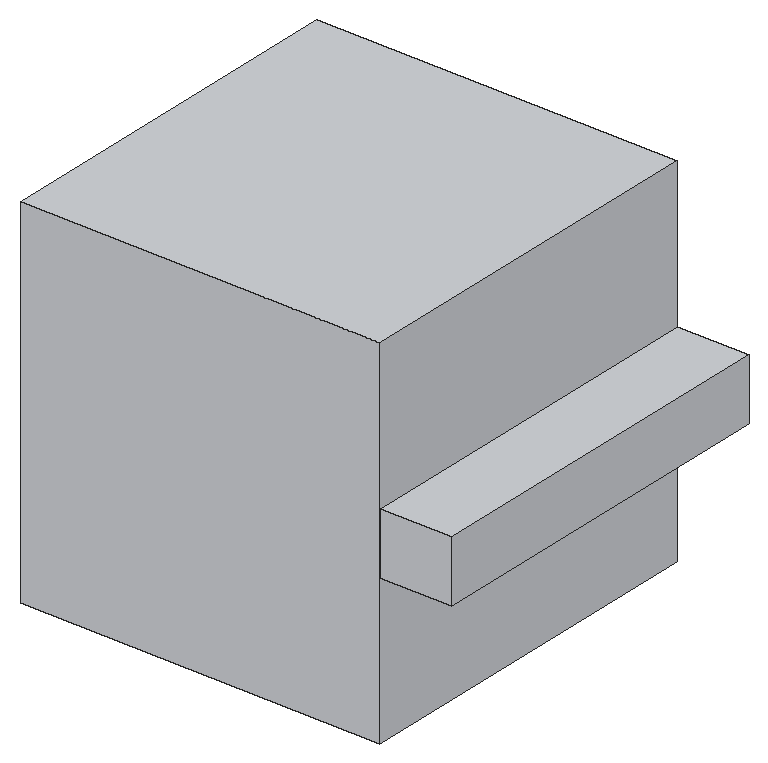
Revit family "НЕВАТОМ_Адаптер РЩ-Б_20220407", category Арматура воздуховодов, Revit 2017
Family settings
  Размер круглого соединителя = Использовать диаметр
  Тип детали = Вставляется
  На основе рабочей плоскости = Нет
  Всегда вертикально = Нет
  При загрузке вырезать с полостями = Нет
  Общий = Нет
Parameters (values of type "РЩ-Б")
  Материал = Материал корпуса
  Nevatom_Частотный преобразователь = ""
  Nevatom_Регулятор расхода = ""
  Nevatom_URL = "https://t.me/NEVATOM_Bim_bot"
  Nevatom_ Для задания электроснабжения = ""
  ADSK_Размер_Ширина [instance] = B + 16 mm  # 516 mm
  ADSK_Размер_Длина [instance] = H1 + H  # 600 mm
  ADSK_Размер_Высота [instance] = A1  # 500 mm
  ADSK_Материал наименование = "Оцинкованная сталь"  # constant formula
  A+3 [instance] = A + 3 mm  # 86 mm
  H1 [instance] = 500 mm
  H [instance] = 100 mm
  B+16 [instance] = B + 16 mm  # 516 mm
  B [instance] = 500 mm
  A1 [instance] = 500 mm
  A [instance] = 83 mm
  ADSK_Примечание = ""
  ADSK_Позиция = ""
  ADSK_Наименование = "АДАПТЕР РЩ"
  ADSK_Масса_Текст = "кг"
  ADSK_Масса = 0
  ADSK_Марка = "-Б-ОЦ.-0.7-Т2-RAL1000"
  ADSK_Код изделия = ""
  ADSK_Завод-изготовитель = "NEVATOM"
  ADSK_Единица измерения = "шт"
Reference planes
  plane 1 "По центру (Вперед/Назад)": y = 0
  plane 2: z = -250
  plane 3 "По центру (Влево/Вправо)": x = 0
  plane 4: x = -250
  plane 5: x = 250
  plane 6: z = 250
  plane 7: y = -258
  plane 8: y = 258
  plane 9: z = 0
  plane 10: x = 350
Forms (mm)
  Extrusion 1, solid
    sketch origin (0, 0, 0) x (1, 0, 0) y (0, 0, 1)
      loop
        line (-250, 250) -> (-250, -250) -> (250, -250) -> (250, 250) -> (-250, 250)
    from -258 to 258
  Extrusion 2, solid
    sketch origin (0, 0, 0) x (1, 0, 0) y (0, 1, 0)
      loop
        line (250, 258) -> (250, -258) -> (350, -258) -> (350, 258) -> (250, 258)
    from -43 to 43
Dimensions and locks
  equal spacing: plane 4, plane 3 "По центру (Влево/Вправо)", plane 5
  equal spacing: plane 5, plane 3 "По центру (Влево/Вправо)", plane 4
  "A1": plane 6 to plane 2
  equal spacing: plane 6, level, plane 2
  "H1": plane 5 to plane 4
  equal spacing: plane 8, plane 1 "По центру (Вперед/Назад)", plane 7
  "B+16": plane 8 to plane 7
  "H": plane 5 to plane 10
  equal spacing: Extrusion 2, level, Extrusion 2
  "A+3": Extrusion 2 to Extrusion 2
  aligned and locked: level to plane 9
  aligned and locked: Extrusion 1 sketch curve to plane 6
  aligned and locked: plane 4 to Extrusion 1 sketch curve
  aligned and locked: plane 2 to Extrusion 1 sketch curve
  aligned and locked: Extrusion 1 sketch curve to plane 5
  aligned and locked: Extrusion 1 to plane 7
  aligned and locked: plane 8 to Extrusion 1
  aligned and locked: Extrusion 1 to Extrusion 2 sketch curve
  aligned and locked: Extrusion 2 sketch curve to Extrusion 1
  aligned and locked: plane 7 to Extrusion 2 sketch curve
  aligned and locked: Extrusion 2 sketch curve to plane 10
  aligned and locked: nested 1 to Extrusion 1  (x3)
Nested families
  nested 1: "НЕВАТОМ_QR-AxB" at (200, -208, 250), type "Nevatom_Logo_100x100", not visible
Connectors
  hvac at (350, 0, 0), driven by "A", driven by "B"
    settings: on Extrusion 2, index 1, duct flow 0.0 L/s, flow factor 0, pres drop 0.0 Pa, loss coef 0, conn angle 0.00°, conn width 500 mm, conn height 83 mm, conn diameter 609.6 mm, duct sys type 29, conn prof type 1, flow config 0, flow direction 0, loss method 0, conn ref index -1, conn util no, is conn primary yes, conn desc ""
Definition of nested family "НЕВАТОМ_QR-AxB"
  Parameters (values of type "Nevatom_Logo_50x50")
    Logo_Image = none
    L = 2 mm
    B = A  # 50 mm
    A = 50 mm
  Types (5, lengths in mm): name | B | A
    (no name) | 50 | 50
    Nevatom_Logo_200x200 | 200 | 200
    Nevatom_Logo_100x100 | 100 | 100
    Nevatom_Logo_50x50 | 50 | 50
    Nevatom_Logo_25x25 | 25 | 25
  Reference planes
    plane 1 "По центру (Вперед/Назад)": y = 0
    plane 2: z = 0
    plane 3 "По центру (Влево/Вправо)": x = 0
    plane 4: x = -25
    plane 5: x = 25
    plane 6: y = 25
    plane 7: y = -25
  Forms (mm)
    Extrusion 1, solid, material <- "Logo_Image"
      sketch origin (0, 0, 0) x (1, 0, 0) y (0, 1, 0)
        loop
          line (-25, 25) -> (-25, -25) -> (25, -25) -> (25, 25) -> (-25, 25)
      from 0 to 2 <- "L"
  Lines and regions (mm)
    reference lines
      curve 1: line (-25, 25, 0) -> (25, 25, 0)
      curve 2: line (25, 25, 0) -> (25, -25, 0)
      curve 3: line (25, -25, 0) -> (-25, -25, 0)
      curve 4: line (-25, -25, 0) -> (-25, 25, 0)
  Dimensions and locks
    equal spacing: plane 4, plane 3 "По центру (Влево/Вправо)", plane 5
    "A": plane 4 to plane 5
    equal spacing: plane 6, plane 1 "По центру (Вперед/Назад)", plane 7
    "B": plane 6 to plane 7
    aligned and locked: level to plane 2
    aligned and locked: plane 6 to curve 1
    aligned and locked: plane 4 to curve 4
    aligned and locked: plane 5 to curve 2
    aligned and locked: plane 7 to curve 3
    aligned and locked: Extrusion 1 sketch curve to curve 1
    aligned and locked: Extrusion 1 sketch curve to curve 4
    aligned and locked: Extrusion 1 sketch curve to curve 3
    aligned and locked: Extrusion 1 sketch curve to curve 2
